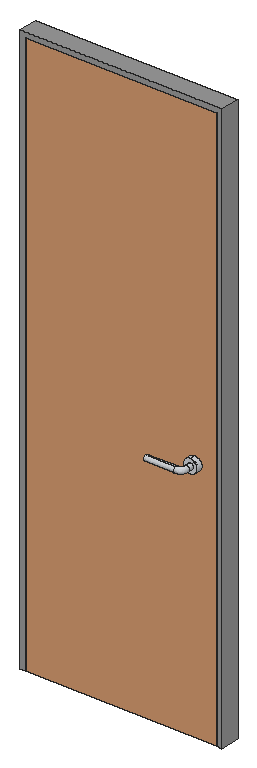
Revit family "- Enchapada Lucero FR30", category Doors, host Wall, Revit 2018
Family settings
  Host = Wall
  OmniClass Number = 23.30.10.00
  OmniClass Title = Doors
  Always vertical = Yes
  Cut with Voids When Loaded = No
  Shared = No
  Room Calculation Point = No
Parameters (values of type "- 70 x 210 cm")
  Set de Marcos = ""
  Relleno = ""
  Material Marco = - Perfil Aluminio
  Material Hoja = - Mara Clara
  Manilla = - Manilla
  Hojas = "Simple de Abatir"
  Function = Interior
  Frame Projection Ext. = 2.50 cm
  Frame Projection Int. = 2.50 cm
  Frame Width = 7.50 cm
  Height = 210.00 cm
  Wall Closure = By host
  Width = 74.00 cm
  Distancia a Cara Interior = 6.00 cm
  Bisagras = ""
  Ancho Hoja = Width - 4.00 cm  # 70.00 cm
  Ancho = Width  # 74.00 cm
  Analytic Construction = "<None>"
  Alto = Height  # 210.00 cm
Types (12, lengths in cm): name | Material Hoja | Height | Width | Ancho Hoja | Ancho | Alto
  - 70 x 200 cm | none | 200.00 | 74.00 | 70.00 | 74.00 | 200.00
  - 75 x 200 cm | none | 200.00 | 79.00 | 75.00 | 79.00 | 200.00
  - 80 x 200 cm | none | 200.00 | 84.00 | 80.00 | 84.00 | 200.00
  - 85 x 200 cm | none | 200.00 | 89.00 | 85.00 | 89.00 | 200.00
  - 90 x 200 cm | none | 200.00 | 94.00 | 90.00 | 94.00 | 200.00
  -100 x 200 cm | none | 200.00 | 104.00 | 100.00 | 104.00 | 200.00
  - 70 x 210 cm | - Mara Clara | 210.00 | 74.00 | 70.00 | 74.00 | 210.00
  - 75 x 210 cm | none | 210.00 | 79.00 | 75.00 | 79.00 | 210.00
  - 80 x 210 cm | none | 210.00 | 84.00 | 80.00 | 84.00 | 210.00
  - 85 x 210 cm | none | 210.00 | 89.00 | 85.00 | 89.00 | 210.00
  - 90 x 210 cm | none | 210.00 | 94.00 | 90.00 | 94.00 | 210.00
  - 100 x 210 cm | - Mara Clara | 210.00 | 104.00 | 100.00 | 104.00 | 210.00
Reference planes (cm)
  plane 1: y = 0
  plane 2 "Center (Left/Right)": x = 0
  plane 3 "Left": x = -37
  plane 4 "Right": x = 37
  plane 5: z = 210
  plane 6 "Exterior": y = 7.5
  plane 7 "Interior": y = -7.5
  plane 8: y = -1.5
  plane 9: z = 208
  plane 10: x = -35
  plane 11: x = 35
Forms (cm)
  Sweep 1, solid, material "- Perfil Aluminio" <- "Material Marco"
    path origin (0, 7.5, 0) x (1, 0, 0) y (0, 0, 1)
      loop
        line (37, 0) -> (37, 210) -> (-37, 210) -> (-37, 0)
    profile origin (37, 7.5, 105) x (-1, 0, 0) y (0, -1, 0)
      loop
        line (0, 2) -> (3, 2) -> (3, 4.3) -> (2, 4.3) -> (2, 9) -> (0, 9) -> (0, 2)
  Extrusion 2, solid, material "- Mara Clara" <- "Material Hoja"
    sketch origin (0, 0, 0) x (1, 0, 0) y (0, 1, 0)
      loop
        line (-35, -1.5) -> (35, -1.5) -> (35, 3) -> (-35, 3) -> (-35, -1.5)
    from 0 to 208
  Sweep 3, solid, material "- Manilla" <- "Manilla", not visible
    path origin (5.8483, -7.5601, 0) x (1, 0, 0) y (0, 1, 0)
      loop
        line (22.1517, 15.0613) -> (32.1517, 15.0613)
        arc (32.1517, 15.0613) -> (33.5659, 14.4756) -> (34.1517, 13.0613) r 2
        line (34.1517, 13.0613) -> (34.1517, 11.0613)
    profile origin (33, 7.5012, 0) x (0, 1, 0) y (0, 0, 1)
      loop
        circle (0, 90) r 1
  Extrusion 4, solid, material "- Manilla" <- "Manilla", not visible
    sketch origin (0, 7.5, 0) x (1, 0, 0) y (0, 0, 1)
      loop
        circle (40, 90) r 2.5
    from 3.9988 to 5
Lines and regions (cm)
  Opening 1
    outline origin (-305, -7.5, 0) x (1, 0, 0) y (0, 0, 1)
      loop
        line (268, 0) -> (342, 0) -> (342, 210) -> (268, 210) -> (268, 0)
  symbolic lines, style "Elevation Swing"
    curve 1: line (37, -7.5, 105) -> (-37, -7.5, 210)
    curve 2: line (37, -7.5, 105) -> (-37, -7.5, 0)
    curve 7: arc (-30.5, -71.5, 0) -> (16.4246, -49.6941, 0) -> (35.2596, -1.5001, 0) r 69.4706
  symbolic lines
    curve 3: line (-35, -1.5, 0) -> (-35, -71.5, 0)
    curve 4: line (-30.5, -1.5, 0) -> (-35, -1.5, 0)
    curve 5: line (-30.5, -71.5, 0) -> (-30.5, -1.5, 0)
    curve 6: line (-35, -71.5, 0) -> (-30.5, -71.5, 0)
  model lines, not visible
    curve 8: line (-20, 3, 25) -> (20, 3, 25)
    curve 9: line (-20, 3, 65) -> (-20, 3, 25)
    curve 10: line (20, 3, 65) -> (8.6603, 3, 65)
    curve 11: line (20, 3, 25) -> (20, 3, 65)
    curve 12: line (-20, 3, 75) -> (-8.6603, 3, 75)
    curve 13: line (-20, 3, 75) -> (-20, 3, 169.9666)
    curve 14: line (20, 3, 75) -> (20, 3, 169.9666)
    curve 15: arc (-8.6603, 3, 65) -> (0, 3, 60) -> (8.6603, 3, 65) r 10
    curve 16: line (8.6603, 3, 75) -> (20, 3, 75)
    curve 17: line (-8.6603, 3, 65) -> (-20, 3, 65)
    curve 18: arc (8.6603, 3, 75) -> (0, 3, 80) -> (-8.6603, 3, 75) r 10
    curve 19: arc (14.9666, 3, 175) -> (0, 3, 183) -> (-14.9666, 3, 175) r 18
    curve 20: arc (-20, 3, 169.9666) -> (-16.4409, 3, 171.4409) -> (-14.9666, 3, 175) r 5.0334
    curve 21: arc (14.9666, 3, 175) -> (16.4409, 3, 171.4409) -> (20, 3, 169.9666) r 5.0334
    curve 22: line (-9.2195, 3, 64) -> (-19, 3, 64)
    curve 23: line (-19, 3, 64) -> (-19, 3, 26)
    curve 24: arc (9.2195, 3, 64) -> (0, 3, 59) -> (-9.2195, 3, 64) r 11
    curve 25: line (19, 3, 64) -> (9.2195, 3, 64)
    curve 26: line (19, 3, 26) -> (19, 3, 64)
    curve 27: line (-19, 3, 26) -> (19, 3, 26)
    curve 28: line (-18.9928, 3, 168.9932) -> (-18.9928, 3, 76)
    curve 29: arc (-13.9941, 3, 174.9045) -> (-15.4113, 3, 171.0338) -> (-18.9928, 3, 168.9932) r 5.9946
    curve 30: arc (13.9971, 3, 174.7848) -> (0.0327, 3, 182.1538) -> (-13.9941, 3, 174.9045) r 17.0542
    curve 31: arc (19, 3, 169.1276) -> (15.4988, 3, 171.072) -> (13.9971, 3, 174.7848) r 6.0089
    curve 32: line (19, 3, 76) -> (19, 3, 169.1276)
    curve 33: line (9.2195, 3, 76) -> (19, 3, 76)
    curve 34: arc (-9.2195, 3, 76) -> (0, 3, 81) -> (9.2195, 3, 76) r 11
    curve 35: line (-18.9928, 3, 76) -> (-9.2195, 3, 76)
    curve 36: arc (12.052, 3, 174.0667) -> (0.0498, 3, 180.1537) -> (-12.0243, 3, 174.2107) r 15.0542
    curve 37: arc (-12.0243, 3, 174.2107) -> (-13.561, 3, 170.1508) -> (-16.9928, 3, 167.4925) r 7.9946
    curve 38: line (-16.9928, 3, 167.4925) -> (-16.9928, 3, 78)
    curve 39: line (17, 3, 78) -> (17, 3, 167.6269)
    curve 40: arc (17, 3, 167.6269) -> (13.6492, 3, 170.1731) -> (12.052, 3, 174.0667) r 8.0089
    curve 41: line (-16.9928, 3, 78) -> (-10.247, 3, 78)
    curve 42: arc (-10.247, 3, 78) -> (0, 3, 83) -> (10.247, 3, 78) r 13
    curve 43: line (10.247, 3, 78) -> (17, 3, 78)
    curve 44: line (-10.247, 3, 62) -> (-17, 3, 62)
    curve 45: arc (10.247, 3, 62) -> (0, 3, 57) -> (-10.247, 3, 62) r 13
    curve 46: line (17, 3, 62) -> (10.247, 3, 62)
    curve 47: line (17, 3, 28) -> (17, 3, 62)
    curve 48: line (-17, 3, 28) -> (17, 3, 28)
    curve 49: line (-17, 3, 62) -> (-17, 3, 28)
    curve 50: line (-314, -1.5, 25) -> (-274, -1.5, 25)
    curve 51: line (-314, -1.5, 65) -> (-314, -1.5, 25)
    curve 52: line (-274, -1.5, 25) -> (-274, -1.5, 65)
    curve 53: line (-314, -1.5, 70) -> (-274, -1.5, 70)
    curve 54: line (-314, -1.5, 70) -> (-314, -1.5, 87)
    curve 55: line (-274, -1.5, 70) -> (-274, -1.5, 87)
    curve 56: line (-274, -1.5, 65) -> (-314, -1.5, 65)
    curve 57: line (-275, -1.5, 64) -> (-313, -1.5, 64)
    curve 58: line (-313, -1.5, 64) -> (-313, -1.5, 26)
    curve 59: line (-275, -1.5, 26) -> (-275, -1.5, 64)
    curve 60: line (-313, -1.5, 26) -> (-275, -1.5, 26)
    curve 61: line (-312.9928, -1.5, 86) -> (-312.9928, -1.5, 71)
    curve 62: line (-275, -1.5, 71) -> (-275, -1.5, 86)
    curve 63: line (-312.9928, -1.5, 71) -> (-275, -1.5, 71)
    curve 64: line (-310.9928, -1.5, 84) -> (-310.9928, -1.5, 73)
    curve 65: line (-277, -1.5, 73) -> (-277, -1.5, 84)
    curve 66: line (-310.9928, -1.5, 73) -> (-277, -1.5, 73)
    curve 67: line (-277, -1.5, 62) -> (-311, -1.5, 62)
    curve 68: line (-277, -1.5, 28) -> (-277, -1.5, 62)
    curve 69: line (-311, -1.5, 28) -> (-277, -1.5, 28)
    curve 70: line (-311, -1.5, 62) -> (-311, -1.5, 28)
    curve 71: line (-310.9928, -1.5, 84) -> (-277, -1.5, 84)
    curve 72: line (-314, -1.5, 87) -> (-274, -1.5, 87)
    curve 73: line (-312.9928, -1.5, 86) -> (-275, -1.5, 86)
    curve 74: line (-310.9928, -1.5, 84) -> (-277, -1.5, 84)
    curve 75: line (-314, -1.5, 97) -> (-274, -1.5, 97)
    curve 76: line (-314, -1.5, 185) -> (-314, -1.5, 97)
    curve 77: line (-274, -1.5, 97) -> (-274, -1.5, 185)
    curve 78: line (-274, -1.5, 185) -> (-314, -1.5, 185)
    curve 79: line (-275, -1.5, 184) -> (-313, -1.5, 184)
    curve 80: line (-313, -1.5, 184) -> (-313, -1.5, 98)
    curve 81: line (-275, -1.5, 98) -> (-275, -1.5, 184)
    curve 82: line (-313, -1.5, 98) -> (-275, -1.5, 98)
    curve 83: line (-277, -1.5, 182) -> (-311, -1.5, 182)
    curve 84: line (-277, -1.5, 100) -> (-277, -1.5, 182)
    curve 85: line (-311, -1.5, 100) -> (-277, -1.5, 100)
    curve 86: line (-311, -1.5, 182) -> (-311, -1.5, 100)
    curve 87: line (-320, 3, 25) -> (-280, 3, 25)
    curve 88: line (-320, 3, 65) -> (-320, 3, 25)
    curve 89: line (-280, 3, 25) -> (-280, 3, 65)
    curve 90: line (-320, 3, 72.5) -> (-280, 3, 72.5)
    curve 91: line (-280, 3, 65) -> (-320, 3, 65)
    curve 92: line (-281, 3, 64) -> (-319, 3, 64)
    curve 93: line (-319, 3, 64) -> (-319, 3, 26)
    curve 94: line (-281, 3, 26) -> (-281, 3, 64)
    curve 95: line (-319, 3, 26) -> (-281, 3, 26)
    curve 96: line (-319, 3, 73.5) -> (-281, 3, 73.5)
    curve 97: line (-317, 3, 75.5) -> (-283, 3, 75.5)
    curve 98: line (-283, 3, 62) -> (-317, 3, 62)
    curve 99: line (-283, 3, 28) -> (-283, 3, 62)
    curve 100: line (-317, 3, 28) -> (-283, 3, 28)
    curve 101: line (-317, 3, 62) -> (-317, 3, 28)
    curve 102: line (-320, 3, 179.3431) -> (-320, 3, 72.5)
    curve 103: line (-280, 3, 72.5) -> (-280, 3, 179.3431)
    curve 104: line (-319, 3, 178.3431) -> (-319, 3, 73.5)
    curve 105: line (-281, 3, 73.5) -> (-281, 3, 178.3431)
    curve 106: line (-283, 3, 75.5) -> (-283, 3, 176.3431)
    curve 107: line (-317, 3, 176.3431) -> (-317, 3, 75.5)
    curve 108: arc (-292, 3, 181) -> (-300, 3, 185) -> (-308, 3, 181) r 10
    curve 109: arc (-292, 3, 181) -> (-290.1648, 3, 179.7737) -> (-288, 3, 179.3431) r 5.6569
    curve 110: arc (-308, 3, 181) -> (-309.8352, 3, 179.7737) -> (-312, 3, 179.3431) r 5.6569
    curve 111: line (-288, 3, 179.3431) -> (-280, 3, 179.3431)
    curve 112: line (-312, 3, 179.3431) -> (-320, 3, 179.3431)
    curve 113: line (-281, 3, 178.3431) -> (-288, 3, 178.3431)
    curve 114: arc (-288, 3, 178.3431) -> (-290.5825, 3, 178.8645) -> (-292.7604, 3, 180.3468) r 6.6569
    curve 115: arc (-292.7604, 3, 180.3468) -> (-300, 3, 184) -> (-307.2396, 3, 180.3468) r 9
    curve 116: arc (-307.2396, 3, 180.3468) -> (-309.4175, 3, 178.8645) -> (-312, 3, 178.3431) r 6.6569
    curve 117: line (-312, 3, 178.3431) -> (-319, 3, 178.3431)
    curve 118: line (-283, 3, 176.3431) -> (-288, 3, 176.3431)
    curve 119: arc (-288, 3, 176.3431) -> (-291.43, 3, 177.0516) -> (-294.2985, 3, 179.0611) r 8.6569
    curve 120: arc (-294.2985, 3, 179.0611) -> (-300, 3, 182) -> (-305.7015, 3, 179.0611) r 7
    curve 121: arc (-305.7015, 3, 179.0611) -> (-308.57, 3, 177.0516) -> (-312, 3, 176.3431) r 8.6569
    curve 122: line (-312, 3, 176.3431) -> (-317, 3, 176.3431)
    curve 123: line (302, -1.5, 25) -> (342, -1.5, 25)
    curve 124: line (302, -1.5, 65) -> (302, -1.5, 25)
    curve 125: line (342, -1.5, 25) -> (342, -1.5, 65)
    curve 126: line (302, -1.5, 77.5) -> (342, -1.5, 77.5)
    curve 127: line (342, -1.5, 65) -> (302, -1.5, 65)
    curve 128: line (341, -1.5, 64) -> (303, -1.5, 64)
    curve 129: line (303, -1.5, 64) -> (303, -1.5, 26)
    curve 130: line (341, -1.5, 26) -> (341, -1.5, 64)
    curve 131: line (303, -1.5, 26) -> (341, -1.5, 26)
    curve 132: line (303, -1.5, 78.5) -> (341, -1.5, 78.5)
    curve 133: line (304.9998, -1.5, 80.5) -> (339.0011, -1.5, 80.5)
    curve 134: line (339, -1.5, 62) -> (305, -1.5, 62)
    curve 135: line (339, -1.5, 28) -> (339, -1.5, 62)
    curve 136: line (305, -1.5, 28) -> (339, -1.5, 28)
    curve 137: line (305, -1.5, 62) -> (305, -1.5, 28)
    curve 138: line (302, -1.5, 185) -> (302, -1.5, 77.5)
    curve 139: line (342, -1.5, 77.5) -> (342, -1.5, 185)
    curve 140: line (303, -1.5, 184) -> (303, -1.5, 78.5)
    curve 141: line (341, -1.5, 78.5) -> (341, -1.5, 184)
    curve 142: line (339.0011, -1.5, 80.5) -> (339.0011, -1.5, 182)
    curve 143: line (304.9998, -1.5, 182) -> (304.9998, -1.5, 80.5)
    curve 144: line (306, 3, 25) -> (346, 3, 25)
    curve 145: line (306, 3, 65) -> (306, 3, 25)
    curve 146: line (346, 3, 25) -> (346, 3, 65)
    curve 147: line (306, 3, 77.5) -> (346, 3, 77.5)
    curve 148: line (346, 3, 65) -> (306, 3, 65)
    curve 149: line (345, 3, 64) -> (307, 3, 64)
    curve 150: line (307, 3, 64) -> (307, 3, 26)
    curve 151: line (345, 3, 26) -> (345, 3, 64)
    curve 152: line (307, 3, 26) -> (345, 3, 26)
    curve 153: line (307, 3, 78.5) -> (345, 3, 78.5)
    curve 154: line (308.9998, 3, 80.5) -> (343.0011, 3, 80.5)
    curve 155: line (343, 3, 62) -> (309, 3, 62)
    curve 156: line (343, 3, 28) -> (343, 3, 62)
    curve 157: line (309, 3, 28) -> (343, 3, 28)
    curve 158: line (309, 3, 62) -> (309, 3, 28)
    curve 159: line (306, 3, 185) -> (306, 3, 77.5)
    curve 160: line (346, 3, 77.5) -> (346, 3, 185)
    curve 161: line (307, 3, 184) -> (307, 3, 78.5)
    curve 162: line (345, 3, 78.5) -> (345, 3, 184)
    curve 163: line (343.0011, 3, 80.5) -> (343.0011, 3, 182)
    curve 164: line (308.9998, 3, 182) -> (308.9998, 3, 80.5)
    curve 165: line (346, 3, 185) -> (306, 3, 185)
    curve 166: line (345, 3, 184) -> (307, 3, 184)
    curve 167: line (343.0011, 3, 182) -> (308.9998, 3, 182)
    curve 168: line (302, -1.5, 185) -> (342, -1.5, 185)
    curve 169: line (341, -1.5, 184) -> (303, -1.5, 184)
    curve 170: line (339.0011, -1.5, 182) -> (304.9998, -1.5, 182)
    curve 171: line (24, 7.5, 179) -> (-49, 7.5, 179)
    curve 172: line (24, 7.5, 178) -> (-49, 7.5, 178)
    curve 175: line (-49, 7.5, 178.5) -> (-48.8, 7.5, 178.5)
  model lines
    curve 173: line (-34, 7.5, 34.5) -> (-33.8, 7.5, 34.5)
    curve 174: line (-34, 7.5, 182.5) -> (-33.8, 7.5, 182.5)
    curve 176: line (-34, 7.5, 138) -> (-33.8, 7.5, 138)
    curve 177: line (-34, 7.5, 103.5) -> (-33.8, 7.5, 103.5)
    curve 178: line (-34, 7.5, 69) -> (-33.8, 7.5, 69)
    curve 179: line (-35, -1.5, 173.3333) -> (35, -1.5, 173.3333)
    curve 180: line (-35, -1.5, 34.6667) -> (35, -1.5, 34.6667)
    curve 181: line (-35, -1.5, 69.3333) -> (35, -1.5, 69.3333)
    curve 182: line (-35, -1.5, 104) -> (35, -1.5, 104)
    curve 183: line (-35, -1.5, 138.6667) -> (35, -1.5, 138.6667)
    curve 184: line (34, 3, 173.3333) -> (-34, 3, 173.3333)
    curve 185: line (34, 3, 138.6667) -> (-34, 3, 138.6667)
    curve 186: line (34, 3, 104) -> (-34, 3, 104)
    curve 187: line (34, 3, 69.3333) -> (-34, 3, 69.3333)
    curve 188: line (34, 3, 34.6667) -> (-34, 3, 34.6667)
Text (cm)
  text "Exterior" at (-229.5016, 109.9543, 0), in view "Ref. Level"
  text "Exterior" at (0, 161.538, 369.8081), in view "Left"
  text "Exterior" at (0, 103.6032, 387.4932), in view "Right"
Dimensions and locks (cm)
  equal spacing: plane 3 "Left", plane 2 "Center (Left/Right)", plane 4 "Right"
  "Width": plane 3 "Left" to plane 4 "Right"
  "Height": plane 5 to host wall
  equal spacing: host wall, curve 2, plane 5
  host wall to plane 5 = 210.00 cm
  locked: plane 6 "Exterior" to host wall at 0
  locked: plane 7 "Interior" to host wall
  "Distancia a Cara Interior": plane 7 "Interior" to plane 8
  locked: Sweep 1 sketch curve to Sweep 1 sketch curve at 7
  locked: plane 9 to plane 5 at 2
  locked: curve 3 to curve 5 at 4.5
  locked: plane 3 "Left" to plane 10 at 2
  locked: plane 11 to plane 4 "Right" at 2
  "Ancho Hoja": curve 6 to curve 4
  locked: Extrusion 2 sketch curve to Extrusion 2 sketch curve at 4.5
  locked: nested 1 to plane 4 "Right" at 10
  level to nested 1 = 90.00 cm
  locked: nested 2 to plane 4 "Right" at 10
  locked: nested 2 to level at 90
  locked: Sweep 1 sketch curve to Sweep 1 sketch curve at 2.3
  equal spacing: plane 9, curve 179, curve 183, curve 182, curve 181, curve 180, level
  aligned and locked: plane 3 "Left" to Opening 1 sketch curve
  aligned and locked: plane 5 to Opening 1 sketch curve  (x2)
  aligned and locked: Opening 1 sketch curve to plane 4 "Right"
  aligned and locked: Opening 1 sketch curve to level
  aligned and locked: plane 5 to curve 1
  aligned and locked: plane 3 "Left" to curve 2
  aligned and locked: plane 1 to host wall
  aligned and locked: plane 3 "Left" to curve 1
  aligned and locked: plane 8 to Sweep 1 sketch curve
  aligned and locked: Extrusion 2 sketch curve to plane 8
  aligned and locked: Sweep 1 to level
  aligned and locked: plane 10 to curve 3
  aligned and locked: Sweep 3 to Extrusion 4
  aligned and locked: Extrusion 2 to plane 9
Automatic sketch dimensions
  curve 7 to plane 8 = 0.0001 cm
  curve 7 to plane 11 = 0.2596 cm
  curve 4 to plane 8 = 0.00 cm
  curve 7 to plane 10 = 0.7919 cm
  Sweep 3 sketch curve to Sweep 3 sketch curve = 10.00 cm
  Sweep 3 sketch curve to Sweep 3 sketch curve = 2.00 cm  (x2)
  Sweep 3 sketch curve to profile plane = 0.00 cm
  profile plane to Sweep 3 sketch curve = 90.00 cm
  Extrusion 2 sketch curve to plane 10 = 0.00 cm
  Extrusion 2 sketch curve to plane 11 = 0.00 cm
  curve 15 to curve 18 = 0.00 cm  (x4)
  curve 15 to curve 24 = 0.00 cm  (x4)
  curve 15 to curve 34 = 0.00 cm  (x4)
  curve 15 to curve 42 = 0.00 cm  (x4)
  curve 15 to curve 45 = 0.00 cm  (x4)
  curve 29 to curve 37 = 0.00 cm  (x4)
  curve 30 to curve 36 = 0.00 cm  (x4)
  curve 31 to curve 40 = 0.00 cm  (x4)
  curve 8 to curve 31 = 0.00 cm
  curve 21 to curve 31 = 0.00 cm
  curve 14 to curve 32 = 1.00 cm
  curve 10 to curve 26 = 1.00 cm
  curve 26 to curve 47 = 2.00 cm
  curve 32 to curve 39 = 2.00 cm
  curve 46 to curve 46 = 6.753 cm
  curve 39 to curve 43 = 6.753 cm
  curve 42 to curve 33 = 1.0274 cm
  curve 45 to curve 25 = 1.0274 cm
  curve 33 to curve 16 = 0.5593 cm
  curve 24 to curve 10 = 0.5593 cm
  curve 16 to curve 24 = 8.6603 cm
  curve 39 to curve 19 = 17.00 cm
  curve 19 to curve 36 = 0.0402 cm
  curve 15 to curve 12 = 8.6603 cm
  curve 15 to curve 17 = 8.6603 cm
  curve 15 to curve 22 = 0.5593 cm
  curve 12 to curve 35 = 0.5593 cm
  curve 22 to curve 44 = 1.0274 cm
  curve 34 to curve 41 = 1.0274 cm
  curve 41 to curve 38 = 6.7459 cm
  curve 47 to curve 48 = 34.00 cm
  curve 38 to curve 35 = 2.00 cm
  curve 44 to curve 22 = 2.00 cm
  curve 28 to curve 29 = 0.9959 cm
  curve 29 to curve 20 = 0.0113 cm
  curve 22 to curve 17 = 1.00 cm
  curve 8 to curve 26 = 1.00 cm
  curve 23 to curve 49 = 2.00 cm
  curve 48 to curve 49 = 34.00 cm
  curve 45 to curve 25 = 2.00 cm
  curve 25 to curve 10 = 1.00 cm
  curve 10 to curve 45 = 5.00 cm
  curve 10 to curve 16 = 10.00 cm
  curve 12 to curve 35 = 1.00 cm
  curve 34 to curve 41 = 2.00 cm
  curve 41 to curve 19 = 87.00 cm
  curve 19 to curve 30 = 0.0997 cm
  curve 36 to curve 38 = 2.3928 cm
  curve 19 to curve 39 = 2.6269 cm
  curve 37 to curve 28 = 1.5007 cm
  curve 39 to curve 32 = 1.5007 cm
  curve 28 to curve 13 = 0.9734 cm
  curve 31 to curve 14 = 0.839 cm
  curve 13 to curve 29 = 4.9378 cm
  curve 29 to curve 20 = 0.0955 cm
  curve 21 to curve 40 = 0.0527 cm
  curve 31 to curve 36 = 1.9451 cm
  curve 55 to curve 62 = 1.4142 cm
  curve 59 to curve 68 = 2.8284 cm
  curve 62 to curve 65 = 2.8284 cm
  curve 53 to curve 63 = 1.4142 cm
  curve 57 to curve 67 = 2.8284 cm
  curve 66 to curve 64 = 33.9928 cm
  curve 68 to curve 69 = 34.00 cm
  curve 64 to curve 63 = 2.8284 cm
  curve 67 to curve 57 = 2.8284 cm
  curve 57 to curve 56 = 1.4142 cm
  curve 50 to curve 59 = 1.4142 cm
  curve 58 to curve 70 = 2.8284 cm
  curve 69 to curve 70 = 34.00 cm  (x2)
  curve 53 to curve 63 = 1.4193 cm
  curve 65 to curve 62 = 2.8284 cm
  curve 61 to curve 54 = 1.4193 cm
  curve 18 to curve 24 = 0.00 cm  (x2)
  curve 18 to curve 34 = 0.00 cm  (x2)
  curve 18 to curve 42 = 0.00 cm  (x2)
  curve 18 to curve 45 = 0.00 cm  (x2)
  curve 24 to curve 34 = 0.00 cm  (x2)
  curve 24 to curve 42 = 0.00 cm  (x2)
  curve 24 to curve 45 = 0.00 cm  (x2)
  curve 34 to curve 42 = 0.00 cm  (x2)
  curve 34 to curve 45 = 0.00 cm  (x2)
  curve 42 to curve 45 = 0.00 cm  (x2)
  curve 72 to curve 51 = 0.00 cm
  curve 75 to curve 54 = 0.00 cm
  curve 76 to curve 79 = 1.00 cm
  curve 51 to curve 57 = 1.00 cm
  curve 53 to curve 63 = 1.0072 cm
  curve 79 to curve 86 = 2.00 cm
  curve 58 to curve 70 = 2.00 cm
  curve 61 to curve 66 = 2.00 cm
  curve 64 to curve 65 = 33.9928 cm
  curve 69 to curve 69 = 34.00 cm
  curve 85 to curve 65 = 0.00 cm
  curve 68 to curve 60 = 2.00 cm
  curve 65 to curve 63 = 2.00 cm
  curve 84 to curve 82 = 2.00 cm
  curve 62 to curve 55 = 1.00 cm
  curve 57 to curve 56 = 1.00 cm  (x2)
  curve 79 to curve 78 = 1.00 cm  (x2)
  curve 50 to curve 59 = 1.00 cm
  curve 59 to curve 68 = 2.00 cm
  curve 67 to curve 57 = 2.00 cm
  curve 52 to curve 53 = 5.00 cm
  curve 53 to curve 63 = 1.00 cm
  curve 62 to curve 66 = 2.00 cm
  curve 65 to curve 71 = 11.00 cm
  curve 65 to curve 62 = 2.00 cm
  curve 62 to curve 72 = 1.00 cm
  curve 55 to curve 75 = 10.00 cm
  curve 75 to curve 82 = 1.00 cm
  curve 81 to curve 84 = 2.00 cm
  curve 84 to curve 84 = 82.00 cm
  curve 83 to curve 79 = 2.00 cm
  curve 87 to curve 90 = 0.00 cm
  curve 103 to curve 105 = 1.00 cm
  curve 89 to curve 92 = 1.00 cm
  curve 105 to curve 106 = 2.00 cm
  curve 92 to curve 99 = 2.00 cm
  curve 98 to curve 98 = 34.00 cm
  curve 106 to curve 107 = 34.00 cm
  curve 97 to curve 96 = 2.00 cm
  curve 98 to curve 92 = 2.00 cm
  curve 96 to curve 102 = 1.00 cm
  curve 92 to curve 91 = 1.00 cm
  curve 87 to curve 94 = 1.00 cm
  curve 94 to curve 99 = 2.00 cm
  curve 100 to curve 101 = 34.00 cm
  curve 98 to curve 93 = 2.00 cm
  curve 92 to curve 89 = 1.00 cm
  curve 89 to curve 103 = 7.50 cm
  curve 90 to curve 105 = 1.00 cm
  curve 96 to curve 106 = 2.00 cm
  curve 97 to curve 107 = 100.8431 cm
  curve 106 to curve 107 = 0.00 cm
  curve 106 to curve 105 = 2.00 cm
  curve 105 to curve 103 = 1.00 cm
  curve 123 to curve 126 = 52.50 cm
  curve 139 to curve 141 = 1.4142 cm
  curve 125 to curve 128 = 1.4142 cm
  curve 141 to curve 142 = 2.8276 cm
  curve 128 to curve 135 = 2.8284 cm
  curve 134 to curve 134 = 34.00 cm
  curve 142 to curve 143 = 34.0013 cm  (x2)
  curve 133 to curve 132 = 2.8283 cm
  curve 134 to curve 128 = 2.8284 cm
  curve 132 to curve 138 = 1.4142 cm
  curve 128 to curve 127 = 1.4142 cm
  curve 123 to curve 130 = 1.4142 cm
  curve 130 to curve 135 = 2.8284 cm
  curve 136 to curve 137 = 34.00 cm  (x2)
  curve 134 to curve 129 = 2.8284 cm
  curve 128 to curve 125 = 1.4142 cm
  curve 125 to curve 139 = 12.50 cm
  curve 126 to curve 141 = 1.4142 cm
  curve 132 to curve 142 = 2.8276 cm
  curve 133 to curve 143 = 101.50 cm
  curve 142 to curve 141 = 2.8276 cm
  curve 143 to curve 140 = 2.8283 cm
  curve 141 to curve 139 = 1.4142 cm
  curve 140 to curve 138 = 1.4142 cm
  curve 108 to curve 115 = 0.00 cm  (x4)
  curve 108 to curve 120 = 0.00 cm  (x4)
  curve 109 to curve 114 = 0.00 cm  (x3)
  curve 109 to curve 119 = 0.00 cm  (x4)
  curve 110 to curve 116 = 0.00 cm  (x3)
  curve 110 to curve 121 = 0.00 cm  (x3)
  curve 114 to curve 119 = 0.00 cm  (x3)
  curve 116 to curve 121 = 0.00 cm  (x4)
  curve 106 to curve 111 = 5.00 cm
  curve 118 to curve 115 = 12.00 cm
  curve 110 to curve 104 = 7.00 cm
  curve 115 to curve 106 = 1.3431 cm
  curve 122 to curve 117 = 2.00 cm
  curve 117 to curve 112 = 1.00 cm
  curve 110 to curve 121 = 5.6569 cm
  curve 111 to curve 109 = 5.6569 cm
  curve 109 to curve 109 = 4.00 cm
  curve 108 to curve 115 = 0.7604 cm
  curve 115 to curve 119 = 1.5381 cm
  curve 115 to curve 120 = 0.00 cm  (x2)
  curve 144 to curve 147 = 52.50 cm
  curve 160 to curve 162 = 1.4142 cm
  curve 146 to curve 149 = 1.4142 cm
  curve 162 to curve 163 = 2.8276 cm
  curve 149 to curve 156 = 2.8284 cm
  curve 155 to curve 155 = 34.00 cm  (x2)
  curve 163 to curve 164 = 34.0013 cm  (x3)
  curve 154 to curve 153 = 2.8283 cm
  curve 155 to curve 149 = 2.8284 cm
  curve 153 to curve 159 = 1.4142 cm
  curve 149 to curve 148 = 1.4142 cm
  curve 144 to curve 151 = 1.4142 cm  (x2)
  curve 151 to curve 156 = 2.8284 cm  (x2)
  curve 157 to curve 158 = 34.00 cm  (x3)
  curve 155 to curve 150 = 2.8284 cm  (x2)
  curve 149 to curve 146 = 1.4142 cm  (x2)
  curve 146 to curve 160 = 12.50 cm  (x3)
  curve 147 to curve 162 = 1.4142 cm
  curve 153 to curve 163 = 2.8276 cm
  curve 154 to curve 164 = 101.50 cm  (x2)
  curve 163 to curve 162 = 2.8276 cm  (x2)
  curve 164 to curve 161 = 2.8283 cm
  curve 162 to curve 160 = 1.4142 cm
  curve 161 to curve 159 = 1.4142 cm
  curve 159 to curve 145 = 120.00 cm
  curve 147 to curve 161 = 1.4142 cm
  curve 145 to curve 149 = 1.4142 cm
  curve 150 to curve 158 = 2.8284 cm
  curve 153 to curve 154 = 2.8283 cm
  curve 155 to curve 163 = 18.50 cm
  curve 156 to curve 152 = 2.8284 cm
  curve 153 to curve 160 = 1.4142 cm
  curve 151 to curve 144 = 1.4142 cm
  curve 147 to curve 153 = 1.4142 cm
  curve 153 to curve 164 = 2.8283 cm
  curve 144 to curve 147 = 0.00 cm
  curve 147 to curve 153 = 1.00 cm  (x2)
  curve 146 to curve 149 = 1.00 cm
  curve 162 to curve 163 = 1.9989 cm
  curve 149 to curve 156 = 2.00 cm
  curve 155 to curve 158 = 34.00 cm
  curve 164 to curve 161 = 1.9998 cm
  curve 155 to curve 149 = 2.00 cm
  curve 150 to curve 145 = 1.00 cm
  curve 153 to curve 147 = 1.00 cm
  curve 144 to curve 151 = 1.00 cm
  curve 151 to curve 156 = 2.00 cm
  curve 155 to curve 150 = 2.00 cm
  curve 149 to curve 148 = 1.00 cm
  curve 153 to curve 154 = 2.00 cm
  curve 164 to curve 161 = 2.00 cm
  curve 161 to curve 159 = 1.00 cm
  curve 168 to curve 124 = 0.00 cm
  curve 126 to curve 132 = 1.00 cm  (x2)
  curve 124 to curve 128 = 1.00 cm
  curve 132 to curve 143 = 1.9998 cm
  curve 129 to curve 137 = 2.00 cm
  curve 134 to curve 135 = 34.00 cm
  curve 134 to curve 133 = 0.0011 cm
  curve 134 to curve 130 = 2.00 cm  (x2)
  curve 133 to curve 132 = 1.9989 cm
  curve 141 to curve 139 = 1.00 cm
  curve 128 to curve 125 = 1.00 cm
  curve 123 to curve 130 = 1.00 cm
  curve 130 to curve 136 = 2.00 cm
  curve 128 to curve 127 = 1.00 cm
  curve 124 to curve 138 = 12.50 cm
  curve 132 to curve 143 = 2.00 cm
  curve 133 to curve 168 = 104.50 cm
  curve 142 to curve 141 = 2.00 cm
  curve 169 to curve 139 = 1.00 cm
  curve 173 to curve 173 = 0.20 cm
  curve 174 to curve 174 = 0.20 cm  (x2)
  curve 175 to curve 175 = 0.20 cm
  curve 175 to curve 172 = 72.80 cm
  curve 171 to curve 172 = 0.00 cm  (x2)
  curve 172 to curve 175 = 0.50 cm
  curve 175 to curve 171 = 0.50 cm
  curve 175 to curve 172 = 0.00 cm
  curve 176 to curve 176 = 0.20 cm  (x2)
  curve 177 to curve 177 = 0.20 cm  (x2)
  curve 178 to curve 178 = 0.20 cm  (x2)
  curve 2 to level = 0.00 cm
  plane 4 "Right" to curve 2 = 0.00 cm
  plane 3 "Left" to Sweep 1 sketch curve = 0.00 cm
  plane 4 "Right" to Sweep 1 sketch curve = 0.00 cm
  Sweep 1 sketch curve to level = 0.00 cm  (x2)
  Sweep 1 sketch curve to plane 5 = 0.00 cm
  Sweep 1 sketch curve to profile plane = 0.00 cm
  Sweep 1 sketch curve to profile plane = 2.00 cm
  Sweep 1 sketch curve to Sweep 1 sketch curve = 1.00 cm
  curve 173 to plane 10 = 1.00 cm
  curve 173 to plane 10 = 1.20 cm
  level to curve 173 = 34.50 cm
  curve 178 to plane 10 = 1.00 cm
  level to curve 178 = 69.00 cm
  curve 176 to plane 10 = 1.00 cm
  curve 177 to plane 10 = 1.00 cm
  curve 174 to plane 10 = 1.00 cm
  curve 178 to curve 177 = 34.50 cm
  curve 177 to curve 176 = 34.50 cm
  plane 9 to curve 174 = 25.50 cm
  Extrusion 2 to curve 184 = 1.00 cm
  Extrusion 2 to curve 187 = 1.00 cm
  Extrusion 2 to curve 185 = 1.00 cm
  Extrusion 2 to curve 186 = 1.00 cm
  Extrusion 2 to curve 188 = 1.00 cm
  curve 184 to Extrusion 2 = 1.00 cm
  curve 187 to Extrusion 2 = 1.00 cm
  curve 186 to Extrusion 2 = 1.00 cm
  curve 185 to Extrusion 2 = 1.00 cm
  curve 188 to Extrusion 2 = 1.00 cm
  Extrusion 2 to curve 188 = 34.6667 cm
  curve 188 to curve 187 = 34.6667 cm
  curve 187 to curve 186 = 34.6667 cm
  curve 186 to curve 185 = 34.6667 cm
  curve 185 to curve 184 = 34.6667 cm
  curve 179 to Extrusion 2 = 0.00 cm
  curve 182 to Extrusion 2 = 0.00 cm
  curve 180 to Extrusion 2 = 0.00 cm
  curve 181 to Extrusion 2 = 0.00 cm
  curve 183 to Extrusion 2 = 0.00 cm
  Extrusion 2 to curve 179 = 0.00 cm
  Extrusion 2 to curve 182 = 0.00 cm
  Extrusion 2 to curve 181 = 0.00 cm
  Extrusion 2 to curve 180 = 0.00 cm
  Extrusion 2 to curve 183 = 0.00 cm
  radius of Sweep 3 sketch curve = 1.00 cm
  radius of Extrusion 4 sketch curve = 2.50 cm
Nested families (cm)
  nested 1: "- Manilla Generica Puerta" at (27, 3, 90) x (0, 0, -1) z (0, 1, 0), type "- Manilla Generica Puerta"
  nested 2: "- Manilla Generica Puerta" at (27, -1.5, 90) x (0, 0, -1) z (0, -1, 0), type "- Manilla Generica Puerta"
Definition of nested family "- Manilla Generica Puerta"
  Parameters (values of type "- Manilla Generica Puerta")
    Manilla = none
    Default Elevation = 121.92 cm
  Reference planes (cm)
    plane 1 "Center (Front/Back)": y = 0
    plane 2: z = 0
    plane 3 "Center (Left/Right)": x = 0
    plane 4: z = 2
  Forms (cm)
    Extrusion 1, solid
      sketch origin (0, 0, 0) x (1, 0, 0) y (0, 1, 0)
        loop
          line (-121.92, 121.92) -> (-121.92, -121.92) -> (121.92, -121.92) -> (121.92, 121.92) -> (-121.92, 121.92)
      from 0 to -30.48
    Extrusion 2, solid, material <- "Manilla"
      sketch origin (0, 0, 0) x (1, 0, 0) y (0, 1, 0)
        loop
          circle (0, 0) r 2.5
      from 0 to 2
    Sweep 3, solid, material <- "Manilla"
      path origin (0, 0, 0) x (0, 1, 0) y (0, 0, 1)
        loop
          line (0, 2) -> (0, 4)
          arc (0, 4) -> (0.5858, 5.4142) -> (2, 6) r 2
          line (2, 6) -> (13, 6)
      profile origin (0, 0, 3) x (0, -1, 0) y (1, 0, 0)
        loop
          circle (0, 0) r 1
  Dimensions and locks (cm)
    locked: Extrusion 2 to Extrusion 2 at 2
    locked: plane 4 to level at 2
    aligned and locked: plane 2 to Extrusion 1
    aligned and locked: level to Extrusion 1
    aligned and locked: plane 4 to Sweep 3
